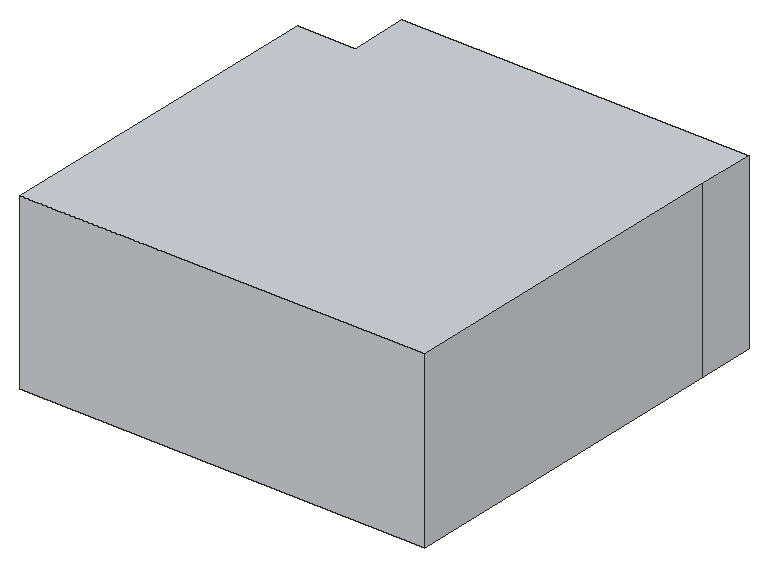
Revit family "M_Rectangular Sharp Throat Radius Heel Elbow - DTL", category Duct Fittings, Revit 2014
Parameters (values of type "Standard")
  Width Out [instance] = 900 mm
  Width In [instance] = 900 mm
  Throat Radius 1 [instance] = if(Throat Radius = 0 mm, 1 mm, Throat Radius)  # 1 mm
  Throat Radius [instance] = 0 mm
  Straight Out 1 [instance] = if(Straight Out = 0 mm, 1 mm, Straight Out)  # 150 mm
  Straight Out [instance] = 150 mm
  Straight In 1 [instance] = if(Straight In = 0 mm, 1 mm, Straight In)  # 150 mm
  Straight In [instance] = 150 mm
  Length 9 [instance] = 9000 mm  # constant formula
  Length 8 [instance] = Length 1 + Straight Out 1 * cos(Angle)  # 901 mm
  Length 7 [instance] = Length 4 + Straight Out 1 * cos(Angle)  # 1 mm
  Length 6 [instance] = Straight Out 1 * sin(Angle)  # 150 mm
  Length 5 [instance] = Throat Radius 1 - Throat Radius 1 * cos(Angle)  # 1 mm
  Length 4 [instance] = Throat Radius 1 * sin(Angle)  # 1 mm
  Length 3 [instance] = if(not(Angle = 90.00°), if(Length 11 < if(Length 13 < Length 14, Length 13, Length 14) - Straight Out 1 / sin(Angle), Length 11, Straight In 1), Length 11)  # 901 mm
  Length 2 [instance] = Throat Radius 1 + Length 9 - (Throat Radius 1 + Width Out) * cos(Angle)  # 9001 mm
  Length 16 [instance] = Width Out / 2 * sin(Angle)  # 450 mm
  Length 15 [instance] = Width Out / 2 * cos(Angle)  # 0 mm
  Length 14 [instance] = (Throat Radius 1 + Width Out) * sin(Angle)  # 901 mm
  Length 13 [instance] = if(not(Angle = 90.00°), (Throat Radius 1 + Width In) * tan(Angle), (Throat Radius 1 + Width In) * tan(90.00° - Angle))  # 0 mm
  Length 12 [instance] = Length 9 - Length 10  # 8549 mm
  Length 11 [instance] = abs(Length 1 - abs((Throat Radius 1 + Width In - (Throat Radius 1 + Width Out) * cos(Angle))) * tan(90.00° - Angle))  # 901 mm
  Length 10 [instance] = Length 1 - ((Width Out / 2 * cos(Angle) + Length 2 - Length 9 + Width In / 2) * tan(90.00° - Angle) + Width Out / 2 * sin(Angle))  # 451 mm
  Length 1 [instance] = (Throat Radius 1 + Width Out) * sin(Angle)  # 901 mm
  Depth In [instance] = 450 mm
  Assembly Code = ""
  Angle 1 [instance] = 90.00° - atan((Length 8 - Length 3) / (Length 6 + Length 2 - Length 9 + Width In))  # 90.00°
  Angle [instance] = 90.00°
Reference planes
  plane 1 "Center (Front/Back)": y = 0
  plane 2: z = 0
  plane 3 "Center (Left/Right)": x = 0
  plane 4: x = -451
  plane 5: y = 450
  plane 6: y = -450
  plane 7: y = 451
  plane 8: x = -601
  plane 9: x = 450
  plane 10: y = 451
  plane 11: x = 450
  plane 12: y = 451
  plane 13: y = 601
  plane 14: x = -450
  plane 15: y = 601
  plane 16: x = 450
  plane 17: y = -8550
  plane 18: x = -450
  plane 19: z = 225
  plane 20: z = -225
  plane 21: x = -9000
  plane 22: y = 457.2
  plane 23: y = -457.2
  plane 24: y = 457.2
  plane 25: y = -457.2
  plane 26: y = 601
  plane 27: x = 0
Forms (mm)
  Extrusion 1, solid, detail levels medium+fine
    sketch origin (0, 0, 0) x (1, 0, 0) y (0, 1, 0)
      loop
        line (-451, 450) -> (-601, 450) -> (-601, -450) -> (450, -450) -> (450, 451) -> (450, 601) -> (-450, 601) -> (-450, 451)
        arc (-450, 451) -> (-450.293, 450.293) -> (-451, 450) r 1
    from -225 to 225
Lines and regions (mm)
  reference lines
    curve 1: arc (-451, 450, 0) -> (-450.293, 450.293, 0) -> (-450, 451, 0) r 1
    curve 2: line (-450, 601, 0) -> (-450, 451, 0)
    curve 3: line (-450, 601, 0) -> (450, 601, 0)
    curve 4: line (450, 601, 0) -> (450, 451, 0)
    curve 5: line (-450, 601, 0) -> (-450, 451, 0)
    curve 6: line (450, 553.673, 0) -> (450, 601, 0)
  model lines, detail levels coarse
    curve 7: line (0, 601, 0) -> (0, 0, 0)
    curve 8: line (-601, 0, 0) -> (0, 0, 0)
Dimensions and locks
  equal spacing: plane 5, plane 1 "Center (Front/Back)", plane 6
  "Width In": plane 5 to plane 6
  "Throat Radius 1": plane 7 to plane 5
  "Straight In 1": plane 8 to plane 4
  "Length 1": plane 4 to plane 9
  "Length 6": plane 13 to plane 12
  "Length 6": plane 15 to plane 10
  "Length 7": plane 4 to plane 14
  "Length 8": plane 4 to plane 16
  "Length 5": plane 12 to plane 5
  "Length 3": plane 4 to plane 11
  "Length 9": plane 5 to plane 17
  "Length 2": plane 10 to plane 17
  "Length 4": plane 4 to plane 18
  equal spacing: plane 19, plane 2, plane 20
  "Depth In": plane 19 to plane 20
  "Length 9": plane 21 to plane 3 "Center (Left/Right)"
  "Length 12": plane 21 to plane 4
  equal spacing: plane 22, plane 1 "Center (Front/Back)", plane 23
  equal spacing: plane 24, plane 1 "Center (Front/Back)", plane 25
  "Length 15": plane 13 to plane 26
  "Length 16": plane 14 to plane 27
  "Throat Radius 1": radius of curve 1
  "Throat Radius 1": radius of Extrusion 1 sketch curve
  "Angle": angle curve 1 to curve 1
  "Angle": angle Extrusion 1 sketch curve to Extrusion 1 sketch curve
  aligned and locked: plane 4 to curve 1  (x2)
  aligned and locked: plane 13 to curve 3
  aligned and locked: curve 3 to plane 14
  aligned and locked: plane 16 to curve 3
  aligned and locked: plane 5 to curve 1
  aligned and locked: plane 15 to curve 4
  aligned and locked: plane 10 to curve 4
  aligned and locked: plane 9 to curve 4
  aligned and locked: plane 5 to Extrusion 1 sketch curve
  aligned and locked: plane 4 to Extrusion 1 sketch curve  (x2)
  aligned and locked: Extrusion 1 sketch curve to plane 5
  aligned and locked: Extrusion 1 sketch curve to plane 8
  aligned and locked: plane 13 to Extrusion 1 sketch curve
  aligned and locked: plane 10 to Extrusion 1 sketch curve
  aligned and locked: plane 9 to Extrusion 1 sketch curve
  aligned and locked: plane 6 to Extrusion 1 sketch curve
  aligned and locked: plane 15 to Extrusion 1 sketch curve
  aligned and locked: plane 16 to Extrusion 1 sketch curve
  aligned and locked: Extrusion 1 sketch curve to plane 14
  aligned and locked: plane 11 to Extrusion 1 sketch curve
  aligned and locked: plane 8 to Extrusion 1 sketch curve
  aligned and locked: Extrusion 1 sketch curve to plane 6
  aligned and locked: Extrusion 1 to plane 20
  aligned and locked: plane 19 to Extrusion 1
  aligned and locked: plane 26 to curve 7
  aligned and locked: plane 27 to curve 7
  aligned and locked: plane 1 "Center (Front/Back)" to curve 7
  aligned and locked: plane 3 "Center (Left/Right)" to curve 8
  aligned and locked: plane 8 to curve 8
  aligned and locked: plane 1 "Center (Front/Back)" to curve 8
Automatic sketch dimensions
  curve 5 to plane 7 = 0 mm
  curve 5 to plane 14 = 0 mm
  curve 6 to plane 9 = 0 mm
  curve 6 to curve 6 = 47.327 mm
Connectors
  hvac at (-601, 0, 0), driven by "Width In", driven by "Depth In", driven by "Angle"
    settings: on Extrusion 1, index 1, duct flow 0.0 L/s, flow factor 0, pres drop 0.0 Pa, loss coef 0, conn angle 90.00°, conn width 900 mm, conn height 450 mm, conn diameter 609.6 mm, duct sys type 28, conn prof type 1, flow config 0, flow direction 0, loss method 0, conn ref index 2, conn util no, is conn primary yes, conn desc ""
  hvac at (0, 601, 0), driven by "Width Out", driven by "Depth In", driven by "Angle"
    settings: on Extrusion 1, index 2, duct flow 0.0 L/s, flow factor 0, pres drop 0.0 Pa, loss coef 0, conn angle 90.00°, conn width 900 mm, conn height 450 mm, conn diameter 609.6 mm, duct sys type 28, conn prof type 1, flow config 0, flow direction 0, loss method 0, conn ref index 1, conn util no, is conn primary no, conn desc ""
